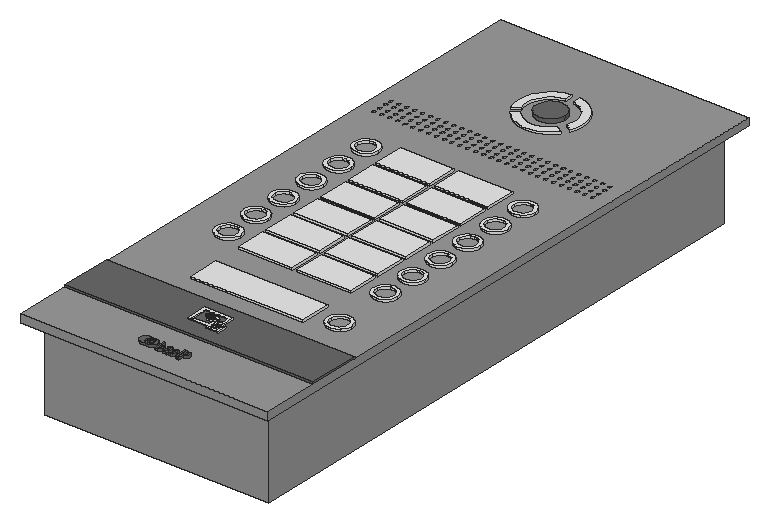
Revit family "BI-12FB", category Устройства связи, Revit 2022
Family settings
  Размер круглого соединителя = Использовать диаметр
  Тип детали = Нормальный
  На основе рабочей плоскости = Да
  Всегда вертикально = Нет
  При загрузке вырезать с полостями = Нет
  Сохранять ориентацию аннотаций = Нет
  Общий = Да
  Точка принадлежности помещению = Нет
Parameters (values of type "BI-12FB")
  Цветовое решение = "Серебро, Золото, Чёрный"
  Угол обзора = "По горизонтали 90°, по вертикали 62°"
  Тип установки = "Врезная, накладная с BR-AA12"
  Тип панели = "Многокнопочная"
  Тип клавиатуры = "Механические кнопки с подсветкой"
  Температурный режим = "-40 ... +65 °С"
  Режим разговора = "Двухсторонний"
  Разрешение камеры = "2.0 Мп"
  Размер панели = "158х379х49 мм"
  Размер под установку = "141х359х58 мм"
  Потребление питания = "6,5 Вт, в режиме ожидания – 3,6 Вт"
  Поддерживаемые аудиокодеки = "G.711u"
  Питание = "+12 В (+8% -4%) и PoE"
  Default Elevation = 0 mm
  Открытие замка = "С монитора, по HTTP, по коду, по карте, из приложения UKEY, из приложения BAS-IP Intercom, по распознаванию лиц"
  Описание = "BAS-IP BI-12FB - Вызывные панели BI-02B, BI-04B, BI-06B, BI-08B, BI-12B доступны в золотом, серебряном и черном цветах. Они оснащены широкоугольной камерой и поддерживают мобильный доступ BAS-IP UKEY.\r\nС помощью этих панелей можно совершать прямые звонки как на внутренние мониторы, так и на монитора консьержа. Устройство отлично вписывается в интерьер небольшого офиса или коттеджа"
  Ночная подсветка = "6 светодиодов"
  Минимальная освещенность = "0,01 LuX"
  Материал корпуса = Материал серый
  Корпус = "Металлический"
  Контроль доступа = "Мультиформатный считыватель с поддержкой технологии UKEY (EM-Marin, Mifare, BLE, NFC), 3D датчик распознавания лица"
  Количество мелодий вызова = "Возможность установки пользовательской мелодии"
  Кнопки быстрого вызова = "Кнопка вызова консьержа"
  Класс степени защиты = "IP65"
  Камера = "1/3”"
  Интерфейс = "Мультиязычный WEB–интерфейс"
  Интеграция со СКУД = "Выход WIEGAND-26, 32, 34, 37, 40, 42, 56, 58, 64 бит"
  Изображение типоразмера = <Нет>
  Изготовитель = "BAS-IP"
  Дополнительно = "SIP P2P, Встроенное реле, датчик приближения, открытый API, поддержка ПО Link"
  Дисплей = "Нет"
  Группа модели = "Вызывная панель"
  Выходное видео = "HD (1920×1080), H.264 Main Profile"
  Аутентификация = "Отдельный пароль на настройки, WEB–интерфейс"
  URL = "https://www.bas-ip.ru"
  Email разработчика семейства = "lytvynchukartur@gmail.com"
  BIM library = "https://bimlib.ru/manufacturer/"
  ADSK_Размер_Ширина = 158 mm
  ADSK_Размер_Толщина = 49 mm
  ADSK_Размер_Длина = 379 mm
  ADSK_Примечание = ""
  ADSK_Полная мощность = 6.5 VA  # constant formula
  ADSK_Позиция = ""
  ADSK_Обозначение = ""
  ADSK_Номинальная мощность = 6.5 W
  ADSK_Напряжение = 12 V
  ADSK_Наименование краткое = "BI-12FB"
  ADSK_Наименование = "ВЫЗЫВНАЯ ПАНЕЛЬ BI-12FB"
  ADSK_Масса_Текст = ""
  ADSK_Марка = "BI-12FB"
  ADSK_Коэффициент мощности = 0.9
  ADSK_Количество фаз = 1
  ADSK_Код изделия = ""
  ADSK_Классификация нагрузок = Вызывная панель
  ADSK_Зона = ""
  ADSK_Завод-изготовитель = "BAS-IP"
  ADSK_Единица измерения = "шт"
  ADSK_Версия Revit = "Revit 2020"  # constant formula
  ADSK_URL страницы изделия = "https://www.bas-ip.ru/catalog/panels/bi-12b/"
  ADSK_URL документации изделия = "https://wiki.bas-ip.com/bipanels/ru/bi-02fb-bi-04fb-bi-06fb-bi-08fb-bi-12fb-18547406.html"
Reference planes
  plane 1 "По центру (Вперед/Назад)": y = 0
  plane 2: z = 0
  plane 3 "По центру (Влево/Вправо)": x = 0
Forms (mm)
  Extrusion 1, solid, material "Материал серый" <- "Материал корпуса", detail levels medium+fine
    sketch origin (544.897, 48.335, -2.742) x (1, 0, 0) y (0, 1, 0)
      loop
        line (-614.897, 129.165) -> (-614.897, -225.835) -> (-474.897, -225.835) -> (-474.897, 129.165) -> (-614.897, 129.165)
    from -50.258 to 2.742
  Extrusion 2, solid, material "Материал белый", detail levels medium+fine
    sketch origin (-195, -21.397, 55) x (1, 0, 0) y (0, 1, 0)
      loop
        arc (192.525, 171.244) -> (177.679, 161.397) -> (176.575, 143.618) r 20
        line (176.575, 143.618) -> (180.95, 146.143)
        arc (180.95, 146.143) -> (182.01, 158.897) -> (192.525, 166.192) r 15
        line (192.525, 166.192) -> (192.525, 171.244)
      loop
        arc (197.475, 166.192) -> (207.99, 158.897) -> (209.05, 146.143) r 15
        line (209.05, 146.143) -> (213.425, 143.618)
        arc (213.425, 143.618) -> (212.321, 161.397) -> (197.475, 171.244) r 20
        line (197.475, 171.244) -> (197.475, 166.192)
      loop
        arc (206.575, 141.857) -> (195, 136.397) -> (183.425, 141.857) r 15
        line (183.425, 141.857) -> (179.05, 139.331)
        arc (179.05, 139.331) -> (195, 131.397) -> (210.95, 139.331) r 20
        line (210.95, 139.331) -> (206.575, 141.857)
    from -52 to -49
  Extrusion 3, solid, material "Материал черный", detail levels medium+fine
    sketch origin (-195, -21.397, 55) x (1, 0, 0) y (0, 1, 0)
      loop
        circle (195, 151.397) r 9
    from -52 to -48
  Extrusion 4, solid, material "Материал серый" <- "Материал корпуса", detail levels medium+fine
    sketch origin (191.684, -200.438, 54) x (1, 0, 0) y (0, 1, 0)
      loop
        line (-269.184, 387.938) -> (-269.184, 12.938) -> (-114.184, 12.938) -> (-114.184, 387.938) -> (-269.184, 387.938)
      loop
        circle (-191.684, 291.429) r 1
      loop
        circle (-191.684, 286.929) r 1
      loop
        circle (-191.684, 282.429) r 1
      loop
        circle (-191.684, 277.929) r 1
      loop
        circle (-196.571, 291.429) r 1
      loop
        circle (-196.571, 286.929) r 1
      loop
        circle (-196.571, 282.429) r 1
      loop
        circle (-196.571, 277.929) r 1
      loop
        circle (-201.457, 291.429) r 1
      loop
        circle (-201.457, 286.929) r 1
      loop
        circle (-201.457, 282.429) r 1
      loop
        circle (-201.457, 277.929) r 1
      loop
        circle (-206.344, 291.429) r 1
      loop
        circle (-206.344, 286.929) r 1
      loop
        circle (-206.344, 282.429) r 1
      loop
        circle (-206.344, 277.929) r 1
      loop
        circle (-211.231, 291.429) r 1
      loop
        circle (-211.231, 286.929) r 1
      loop
        circle (-211.231, 282.429) r 1
      loop
        circle (-211.231, 277.929) r 1
      loop
        circle (-216.117, 291.429) r 1
      loop
        circle (-216.117, 286.929) r 1
      loop
        circle (-216.117, 282.429) r 1
      loop
        circle (-216.117, 277.929) r 1
      loop
        circle (-221.004, 291.429) r 1
      loop
        circle (-221.004, 286.929) r 1
      loop
        circle (-221.004, 282.429) r 1
      loop
        circle (-221.004, 277.929) r 1
      loop
        circle (-225.891, 291.429) r 1
      loop
        circle (-225.891, 286.929) r 1
      loop
        circle (-225.891, 282.429) r 1
      loop
        circle (-225.891, 277.929) r 1
      loop
        circle (-230.777, 291.429) r 1
      loop
        circle (-230.777, 286.929) r 1
      loop
        circle (-230.777, 282.429) r 1
      loop
        circle (-230.777, 277.929) r 1
      loop
        circle (-235.664, 291.429) r 1
      loop
        circle (-235.664, 286.929) r 1
      loop
        circle (-235.664, 282.429) r 1
      loop
        circle (-235.664, 277.929) r 1
      loop
        circle (-240.551, 291.429) r 1
      loop
        circle (-240.551, 286.929) r 1
      loop
        circle (-240.551, 282.429) r 1
      loop
        circle (-240.551, 277.929) r 1
      loop
        circle (-245.437, 291.429) r 1
      loop
        circle (-245.437, 286.929) r 1
      loop
        circle (-245.437, 282.429) r 1
      loop
        circle (-245.437, 277.929) r 1
      loop
        circle (-250.324, 291.429) r 1
      loop
        circle (-250.324, 286.929) r 1
      loop
        circle (-250.324, 282.429) r 1
      loop
        circle (-250.324, 277.929) r 1
      loop
        circle (-255.211, 291.429) r 1
      loop
        circle (-255.211, 286.929) r 1
      loop
        circle (-255.211, 282.429) r 1
      loop
        circle (-255.211, 277.929) r 1
      loop
        circle (-260.097, 291.429) r 1
      loop
        circle (-260.097, 286.929) r 1
      loop
        circle (-260.097, 282.429) r 1
      loop
        circle (-260.097, 277.929) r 1
      loop
        circle (-186.797, 291.429) r 1
      loop
        circle (-186.797, 286.929) r 1
      loop
        circle (-186.797, 282.429) r 1
      loop
        circle (-186.797, 277.929) r 1
      loop
        circle (-181.91, 291.429) r 1
      loop
        circle (-181.91, 286.929) r 1
      loop
        circle (-181.91, 282.429) r 1
      loop
        circle (-181.91, 277.929) r 1
      loop
        circle (-177.024, 291.429) r 1
      loop
        circle (-177.024, 286.929) r 1
      loop
        circle (-177.024, 282.429) r 1
      loop
        circle (-177.024, 277.929) r 1
      loop
        circle (-172.137, 291.429) r 1
      loop
        circle (-172.137, 286.929) r 1
      loop
        circle (-172.137, 282.429) r 1
      loop
        circle (-172.137, 277.929) r 1
      loop
        circle (-167.25, 291.429) r 1
      loop
        circle (-167.25, 286.929) r 1
      loop
        circle (-167.25, 282.429) r 1
      loop
        circle (-167.25, 277.929) r 1
      loop
        circle (-162.364, 291.429) r 1
      loop
        circle (-162.364, 286.929) r 1
      loop
        circle (-162.364, 282.429) r 1
      loop
        circle (-162.364, 277.929) r 1
      loop
        circle (-157.477, 291.429) r 1
      loop
        circle (-157.477, 286.929) r 1
      loop
        circle (-157.477, 282.429) r 1
      loop
        circle (-157.477, 277.929) r 1
      loop
        circle (-152.59, 291.429) r 1
      loop
        circle (-152.59, 286.929) r 1
      loop
        circle (-152.59, 282.429) r 1
      loop
        circle (-152.59, 277.929) r 1
      loop
        circle (-147.704, 291.429) r 1
      loop
        circle (-147.704, 286.929) r 1
      loop
        circle (-147.704, 282.429) r 1
      loop
        circle (-147.704, 277.929) r 1
      loop
        circle (-142.817, 291.429) r 1
      loop
        circle (-142.817, 286.929) r 1
      loop
        circle (-142.817, 282.429) r 1
      loop
        circle (-142.817, 277.929) r 1
      loop
        circle (-137.93, 291.429) r 1
      loop
        circle (-137.93, 286.929) r 1
      loop
        circle (-137.93, 282.429) r 1
      loop
        circle (-137.93, 277.929) r 1
      loop
        circle (-133.044, 291.429) r 1
      loop
        circle (-133.044, 286.929) r 1
      loop
        circle (-133.044, 282.429) r 1
      loop
        circle (-133.044, 277.929) r 1
      loop
        circle (-128.157, 291.429) r 1
      loop
        circle (-128.157, 286.929) r 1
      loop
        circle (-128.157, 282.429) r 1
      loop
        circle (-128.157, 277.929) r 1
      loop
        circle (-123.27, 291.429) r 1
      loop
        circle (-123.27, 286.929) r 1
      loop
        circle (-123.27, 282.429) r 1
      loop
        circle (-123.27, 277.929) r 1
    from -54 to -49
  Extrusion 5, solid, material "Материал черный", detail levels medium+fine
    sketch origin (-347.374, 13, 55) x (1, 0, 0) y (0, 1, 0)
      loop
        line (355.91, -186.947) -> (356.876, -186.947) -> (356.876, -179.913) -> (355.91, -179.913) -> (355.91, -186.947)
      loop
        line (357.377, -186.947) -> (358.377, -186.947) -> (358.377, -184.451)
        arc (358.377, -184.451) -> (361.041, -182.66) -> (359.379, -179.913) r 2.326
        line (359.379, -179.913) -> (357.377, -179.913) -> (357.377, -186.947)
      loop
        arc (358.377, -183.451) -> (360.221, -182.217) -> (358.377, -180.983) r 1.335
        line (358.377, -180.983) -> (358.377, -183.451)
      loop
        line (342.946, -179.913) -> (342.946, -186.947) -> (344.968, -186.947)
        spline (344.968, -186.947) -> (345.634, -186.72) -> (346.221, -186.353) -> (346.689, -185.871) -> (347.005, -185.307) -> (347.148, -184.699) -> (347.109, -184.089) -> (346.89, -183.519) -> (346.506, -183.026) -> (345.984, -182.646) -> (345.358, -182.403) -> (344.672, -182.314) -> (343.972, -182.385)
        line (343.972, -182.385) -> (343.972, -179.913) -> (342.946, -179.913)
      loop
        line (343.972, -183.426) -> (343.972, -185.927) -> (345.157, -185.927)
        spline (345.157, -185.927) -> (345.542, -185.692) -> (345.86, -185.388) -> (346.09, -185.036) -> (346.217, -184.659) -> (346.23, -184.283) -> (346.13, -183.934) -> (345.923, -183.636) -> (345.624, -183.408) -> (345.252, -183.267) -> (344.834, -183.222) -> (344.397, -183.276) -> (343.972, -183.426)
      loop
        line (354.371, -183.077) -> (354.371, -182.08)
        arc (354.371, -182.08) -> (353.527, -181.636) -> (352.582, -181.765) r 1.562
        arc (352.582, -181.765) -> (351.902, -182.393) -> (351.698, -183.296) r 1.562
        arc (351.698, -183.296) -> (352.118, -184.311) -> (353.134, -184.732) r 1.436
        arc (353.134, -184.732) -> (353.678, -184.957) -> (353.903, -185.501) r 0.769
        arc (353.903, -185.501) -> (353.519, -186.167) -> (352.749, -186.167) r 0.769
        line (352.749, -186.167) -> (351.665, -185.976) -> (351.665, -186.777) -> (353.173, -187.043)
        arc (353.173, -187.043) -> (354.539, -185.977) -> (354.178, -184.282) r 1.634
        line (354.178, -184.282) -> (353.112, -183.956)
        arc (353.112, -183.956) -> (352.563, -183.005) -> (353.595, -182.629) r 0.717
        line (353.595, -182.629) -> (354.371, -183.077)
      loop
        line (350.666, -186.947) -> (350.666, -182.599)
        arc (350.666, -182.599) -> (349.304, -181.597) -> (347.682, -182.073) r 1.905
        arc (347.682, -182.073) -> (347.604, -182.585) -> (348.086, -182.774) r 0.415
        arc (348.086, -182.774) -> (349.009, -182.264) -> (349.931, -182.774) r 1.09
        line (349.931, -182.774) -> (349.931, -183.578) -> (348.501, -183.578)
        arc (348.501, -183.578) -> (347.388, -185.155) -> (348.105, -186.947) r 2.022
        line (348.105, -186.947) -> (350.666, -186.947)
      loop
        line (349.931, -185.927) -> (349.931, -184.364) -> (348.861, -184.364)
        arc (348.861, -184.364) -> (348.08, -185.146) -> (348.861, -185.927) r 0.781
        line (348.861, -185.927) -> (349.931, -185.927)
      loop
        spline (337.212, -183.2) -> (337.246, -183.454) -> (337.345, -183.691) -> (337.502, -183.894) -> (337.707, -184.05) -> (337.946, -184.149) -> (338.203, -184.182) -> (338.459, -184.149) -> (338.698, -184.05) -> (338.903, -183.894) -> (339.061, -183.691) -> (339.159, -183.454) -> (339.193, -183.2)
        spline (339.193, -183.2) -> (339.159, -182.946) -> (339.061, -182.709) -> (338.903, -182.505) -> (338.698, -182.349) -> (338.459, -182.251) -> (338.203, -182.218) -> (337.946, -182.251) -> (337.707, -182.349) -> (337.502, -182.505) -> (337.345, -182.709) -> (337.246, -182.946) -> (337.212, -183.2)
      loop
        spline (336.121, -183.2) -> (336.192, -183.734) -> (336.4, -184.232) -> (336.731, -184.659) -> (337.162, -184.987) -> (337.664, -185.193) -> (338.203, -185.264) -> (338.741, -185.193) -> (339.243, -184.987) -> (339.674, -184.659) -> (340.005, -184.232) -> (340.213, -183.734) -> (340.284, -183.2)
        spline (340.284, -183.2) -> (340.213, -182.666) -> (340.005, -182.168) -> (339.674, -181.741) -> (339.243, -181.413) -> (338.741, -181.206) -> (338.203, -181.136) -> (337.664, -181.206) -> (337.162, -181.413) -> (336.731, -181.741) -> (336.4, -182.168) -> (336.192, -182.666) -> (336.121, -183.2)
      loop
        spline (334.697, -183.2) -> (334.817, -184.089) -> (335.167, -184.917) -> (335.724, -185.628) -> (336.45, -186.173) -> (337.295, -186.516) -> (338.203, -186.633) -> (339.11, -186.516) -> (339.955, -186.173) -> (340.681, -185.628) -> (341.238, -184.917) -> (341.589, -184.089) -> (341.708, -183.2)
        spline (341.708, -183.2) -> (341.589, -182.311) -> (341.238, -181.483) -> (340.681, -180.772) -> (339.955, -180.226) -> (339.11, -179.883) -> (338.203, -179.766) -> (337.295, -179.883) -> (336.45, -180.226) -> (335.724, -180.772) -> (335.167, -181.483) -> (334.817, -182.311) -> (334.697, -183.2)
    from -52 to -49
  Extrusion 6, solid, material "Материал черный", detail levels medium+fine
    sketch origin (-377.374, 13, 55) x (1, 0, 0) y (0, 1, 0)
      loop
        spline (366.353, -186.117) -> (365.878, -185.77) -> (365.47, -185.35) -> (365.139, -184.869) -> (364.896, -184.34) -> (364.747, -183.778) -> (364.697, -183.2) -> (364.747, -182.622) -> (364.896, -182.06) -> (365.139, -181.531) -> (365.47, -181.05) -> (365.878, -180.63) -> (366.353, -180.283)
        spline (366.353, -180.283) -> (365.205, -179.836) -> (363.969, -179.807) -> (362.8, -180.199) -> (361.843, -180.965) -> (361.216, -182.008) -> (360.998, -183.2) -> (361.216, -184.391) -> (361.843, -185.435) -> (362.8, -186.201) -> (363.969, -186.593) -> (365.205, -186.564) -> (366.353, -186.117)
    from -52 to -49
  Extrusion 7, solid, material "Материал черный", detail levels medium+fine
    sketch origin (-345.926, 40.637, 55) x (1, 0, 0) y (0, 1, 0)
      loop
        line (268.426, -193.137) -> (423.426, -193.137) -> (423.426, -160.637) -> (268.426, -160.637) -> (268.426, -193.137)
    from -52 to -49
  Extrusion 8, solid, material "Материал белый", detail levels medium+fine
    sketch origin (-144.354, -265.893, 55) x (1, 0, 0) y (0, 1, 0)
      loop
        circle (194.354, 168.393) r 7.5
      loop
        circle (194.354, 168.393) r 5.5
    from -52 to -49
  Extrusion 9, solid, material "Материал белый", detail levels medium+fine
    sketch origin (-145.354, -228.893, 55) x (1, 0, 0) y (0, 1, 0)
      loop
        circle (194.354, 168.393) r 7.5
      loop
        circle (194.354, 168.393) r 5.5
    from -52 to -49
  Extrusion 10, solid, material "Материал белый", detail levels medium+fine
    sketch origin (-145.354, -207.393, 55) x (1, 0, 0) y (0, 1, 0)
      loop
        circle (194.354, 168.393) r 7.5
      loop
        circle (194.354, 168.393) r 5.5
    from -52 to -49
  Extrusion 11, solid, material "Материал белый", detail levels medium+fine
    sketch origin (-155.763, -315.55, 55) x (1, 0, 0) y (0, 1, 0)
      loop
        line (159.176, 173.833) -> (165.176, 173.833) -> (165.176, 177.793) -> (159.176, 177.793) -> (159.176, 173.833)
      loop
        line (158.176, 178.793) -> (159.676, 178.793)
        arc (159.676, 178.793) -> (160.341, 180.491) -> (161.981, 181.285) r 2.5
        line (161.981, 181.285) -> (161.981, 186.283) -> (147.395, 186.283) -> (147.395, 175.996) -> (158.176, 175.996) -> (158.176, 178.793)
      loop
        line (166.176, 178.793) -> (164.676, 178.793)
        arc (164.676, 178.793) -> (164.357, 180.015) -> (163.481, 180.925) r 2.5
        line (163.481, 180.925) -> (163.481, 187.783) -> (145.895, 187.783) -> (145.895, 174.496) -> (158.176, 174.496) -> (158.176, 172.833) -> (166.176, 172.833) -> (166.176, 178.793)
      loop
        arc (163.876, 178.793) -> (162.176, 180.493) -> (160.476, 178.793) r 1.7
        line (160.476, 178.793) -> (163.876, 178.793)
      loop
        circle (162.176, 175.813) r 0.794
      loop
        circle (162.176, 175.813) r 1.4
      loop
        arc (156.25, 180.012) -> (154.688, 180.451) -> (153.126, 180.012) r 3
        line (153.126, 180.012) -> (153.865, 179.274)
        arc (153.865, 179.274) -> (154.688, 179.451) -> (155.511, 179.274) r 2
        line (155.511, 179.274) -> (156.25, 180.012)
      loop
        line (156.972, 180.735) -> (157.688, 181.451)
        arc (157.688, 181.451) -> (154.688, 182.451) -> (151.688, 181.451) r 5
        line (151.688, 181.451) -> (152.404, 180.735)
        arc (152.404, 180.735) -> (154.688, 181.451) -> (156.972, 180.735) r 4
      loop
        line (158.401, 182.164) -> (159.112, 182.875)
        arc (159.112, 182.875) -> (154.688, 184.451) -> (150.264, 182.875) r 7
        line (150.264, 182.875) -> (150.975, 182.164)
        arc (150.975, 182.164) -> (154.688, 183.451) -> (158.401, 182.164) r 6
    from -52 to -48.557
  Extrusion 12, solid, material "Материал белый", detail levels medium+fine
    sketch origin (-195.852, -265.893, 55) x (1, 0, 0) y (0, 1, 0)
      loop
        line (160.852, 158.393) -> (230.852, 158.393) -> (230.852, 178.393) -> (160.852, 178.393) -> (160.852, 158.393)
      loop
        line (197.352, 195.893) -> (230.852, 195.893) -> (230.852, 214.893) -> (197.352, 214.893) -> (197.352, 195.893)
      loop
        line (197.352, 217.393) -> (230.852, 217.393) -> (230.852, 236.393) -> (197.352, 236.393) -> (197.352, 217.393)
      loop
        line (197.352, 238.893) -> (230.852, 238.893) -> (230.852, 257.893) -> (197.352, 257.893) -> (197.352, 238.893)
      loop
        line (194.352, 195.893) -> (194.352, 214.893) -> (160.852, 214.893) -> (160.852, 195.893) -> (194.352, 195.893)
      loop
        line (194.352, 217.393) -> (194.352, 236.393) -> (160.852, 236.393) -> (160.852, 217.393) -> (194.352, 217.393)
      loop
        line (194.352, 238.893) -> (194.352, 257.893) -> (160.852, 257.893) -> (160.852, 238.893) -> (194.352, 238.893)
      loop
        line (197.352, 260.393) -> (230.852, 260.393) -> (230.852, 279.393) -> (197.352, 279.393) -> (197.352, 260.393)
      loop
        line (194.352, 260.393) -> (194.352, 279.393) -> (160.852, 279.393) -> (160.852, 260.393) -> (194.352, 260.393)
      loop
        line (197.352, 281.893) -> (230.852, 281.893) -> (230.852, 300.893) -> (197.352, 300.893) -> (197.352, 281.893)
      loop
        line (194.352, 281.893) -> (194.352, 300.893) -> (160.852, 300.893) -> (160.852, 281.893) -> (194.352, 281.893)
      loop
        line (197.352, 303.393) -> (230.852, 303.393) -> (230.852, 322.393) -> (197.352, 322.393) -> (197.352, 303.393)
      loop
        line (194.352, 303.393) -> (194.352, 322.393) -> (160.852, 322.393) -> (160.852, 303.393) -> (194.352, 303.393)
    from -52 to -49
  Extrusion 13, solid, material "Материал белый", detail levels medium+fine
    sketch origin (-145.354, -185.893, 55) x (1, 0, 0) y (0, 1, 0)
      loop
        circle (194.354, 168.393) r 7.5
      loop
        circle (194.354, 168.393) r 5.5
    from -52 to -49
  Extrusion 14, solid, material "Материал белый", detail levels medium+fine
    sketch origin (145.354, -228.893, 55) x (-1, 0, 0) y (0, -1, 0)
      loop
        circle (194.354, -168.393) r 7.5
      loop
        circle (194.354, -168.393) r 5.5
    from -52 to -49
  Extrusion 15, solid, material "Материал белый", detail levels medium+fine
    sketch origin (145.354, -207.393, 55) x (-1, 0, 0) y (0, -1, 0)
      loop
        circle (194.354, -168.393) r 7.5
      loop
        circle (194.354, -168.393) r 5.5
    from -52 to -49
  Extrusion 16, solid, material "Материал белый", detail levels medium+fine
    sketch origin (145.354, -185.893, 55) x (-1, 0, 0) y (0, -1, 0)
      loop
        circle (194.354, -168.393) r 7.5
      loop
        circle (194.354, -168.393) r 5.5
    from -52 to -49
  Extrusion 17, solid, material "Материал белый", detail levels medium+fine
    sketch origin (-145.354, -164.393, 55) x (1, 0, 0) y (0, 1, 0)
      loop
        circle (194.354, 168.393) r 7.5
      loop
        circle (194.354, 168.393) r 5.5
    from -52 to -49
  Extrusion 18, solid, material "Материал белый", detail levels medium+fine
    sketch origin (145.354, -164.393, 55) x (-1, 0, 0) y (0, -1, 0)
      loop
        circle (194.354, -168.393) r 7.5
      loop
        circle (194.354, -168.393) r 5.5
    from -52 to -49
  Extrusion 19, solid, material "Материал белый", detail levels medium+fine
    sketch origin (-145.354, -121.393, 55) x (1, 0, 0) y (0, 1, 0)
      loop
        circle (194.354, 168.393) r 7.5
      loop
        circle (194.354, 168.393) r 5.5
    from -52 to -49
  Extrusion 20, solid, material "Материал белый", detail levels medium+fine
    sketch origin (145.354, -121.393, 55) x (-1, 0, 0) y (0, -1, 0)
      loop
        circle (194.354, -168.393) r 7.5
      loop
        circle (194.354, -168.393) r 5.5
    from -52 to -49
  Extrusion 21, solid, material "Материал белый", detail levels medium+fine
    sketch origin (-145.354, -142.893, 55) x (1, 0, 0) y (0, 1, 0)
      loop
        circle (194.354, 168.393) r 7.5
      loop
        circle (194.354, 168.393) r 5.5
    from -52 to -49
  Extrusion 22, solid, material "Материал белый", detail levels medium+fine
    sketch origin (145.354, -142.893, 55) x (-1, 0, 0) y (0, -1, 0)
      loop
        circle (194.354, -168.393) r 7.5
      loop
        circle (194.354, -168.393) r 5.5
    from -52 to -49
Lines and regions (mm)
  symbolic lines
    curve 1: line (-77.5, -187.5, 0) -> (77.5, -187.5, 0)
    curve 2: line (-77.5, -187.5, 0) -> (77.5, -187.5, 0)
Dimensions and locks
  aligned and locked: level to plane 2
Connectors
  electrical at (0, 0, -53)
    settings: on Extrusion 1, index 5, voltage 0 V, apparent load 0 VA, apparent load phase1 0 VA, apparent load phase2 0 VA, apparent load phase3 0 VA, power factor 1, load classification "Прочее", number of poles 1, system type 13, power factor state 1, is connector primary yes, connector utility no, sub classification motor no, connector description "Должны быть подведены провода для подключения замка и дополнительных модулей (опционально)"
  electrical at (7.231, 0.308, -53)
    settings: on Extrusion 1, index 10, voltage 12 V, apparent load 6.5 VA, apparent load phase1 0 VA, apparent load phase2 0 VA, apparent load phase3 0 VA, power factor 0.9, load classification "Вызывная панель", number of poles 1, system type 30, power factor state 1, is connector primary no, connector utility no, sub classification motor no, connector description "Блок питания на +12 Вольт, 2 Ампера"
  electrical at (-7.769, 0.308, -53)
    settings: on Extrusion 1, index 13, voltage 0 V, apparent load 0 VA, apparent load phase1 0 VA, apparent load phase2 0 VA, apparent load phase3 0 VA, power factor 1, load classification "Прочее", number of poles 1, system type 5, power factor state 1, is connector primary no, connector utility no, sub classification motor no, connector description "Кабель Ethernet UTP cat5 или выше, подключенный к сетевому коммутатору/маршрутизатору"
